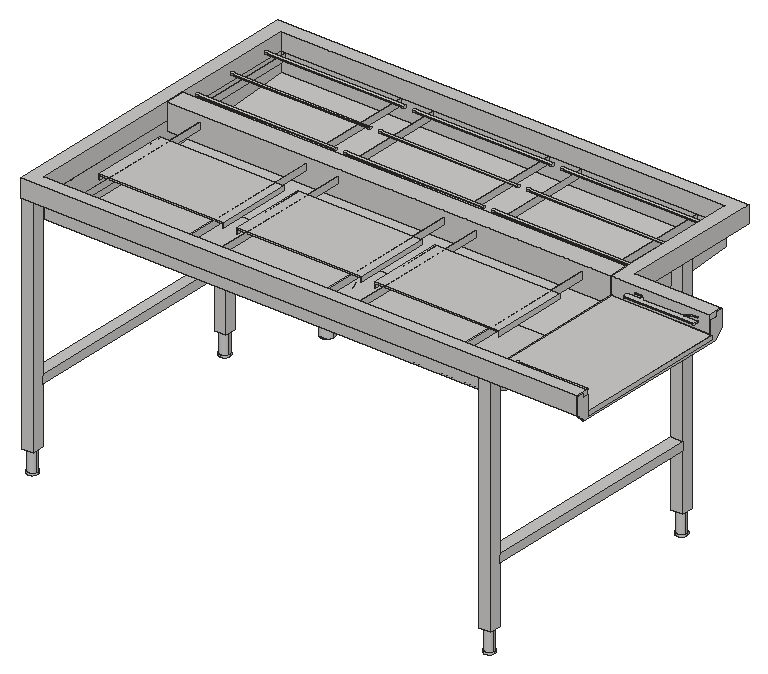
Revit family "QF_ELECTROLUXPROFESSIONAL_865465_HSDDS3RL", category Specialty Equipment, Revit 2018
Family settings
  Round Connector Dimension = Use Diameter
  Part Type = Normal
  Work Plane-Based = No
  Always vertical = Yes
  Cut with Voids When Loaded = No
  Shared = No
  Room Calculation Point = No
Parameters
  Weight = 0.00 kg
  Watts = 0 W
  Volts = 0 V
  URL Manufacturer = ""
  Steam Supply Size = 0 mm
  Steam Supply Minimum Pressure = 0.0 Pa
  Steam Supply Maximum Pressure = 0.0 Pa
  Steam Pounds per Hour = 0
  Refrigeration Suction Line Size = 0 mm
  Refrigeration Liquid Line Size = 0 mm
  Refrigerant Compressor Remote = yes
  Phase = 0
  Length Actual = 0 mm
  Item Number = ""
  Hot Water Size = 0 mm
  Height Actual = 0 mm
  HP = ""
  Gas Size = 0 mm
  Gas KW = 0
  Gas Input Pressure = 0 W
  Depth Actual = 0 mm
  Cycle = 0 Hz
  Condensate Return Size = 0 mm
  Compressed Air Volume = 0.0 L/s
  Compressed Air Size = 0 mm
  Compressed Air Pressure = 0.0 Pa
  Cold Water Size = 0 mm
  Accessory = yes
Reference planes
  plane 1: z = 0
  plane 2 "R": x = 300
  plane 3: z = 910
  plane 4: z = 0
  plane 5: z = 300
  plane 6 "BACK": y = 310
  plane 7 "FRONT": y = -800
  plane 8 "LEFT": x = -1320
  plane 9: x = -510
  plane 10: y = -310
  plane 11 "RIGHT": x = 600
Forms (mm)
  Extrusion 1, solid, material "QF_Finishes_Stainless Steel"
    sketch origin (0, -490, 0) x (-1, 0, 0) y (0, -1, 0)
      loop
        line (1320, -800) -> (1320, 310) -> (-597.022, 310) -> (-597.022, 265) -> (1275, 265) -> (1275, -755) -> (-255, -755) -> (-255, -265) -> (-597.022, -265) -> (-597.022, -310) -> (-300, -310) -> (-300, -800) -> (1320, -800)
    from 850.091 to 910
  Extrusion 2, solid, material "QF_Finishes_Stainless Steel"
    sketch origin (0, -490, 0) x (0, -1, 0) y (0, 0, 1)
      loop
        line (-756.248, 850.091) -> (-756.248, 781.928) -> (-131.216, 738.138) -> (130.849, 738.138) -> (266.249, 782.13) -> (266.249, 850.091) -> (265, 850.091) -> (265, 784.879) -> (130.374, 741.138) -> (-131.111, 741.138) -> (-755, 784.848) -> (-755, 850.091) -> (-756.248, 850.091)
    from -255 to 1275
  Revolve 3, solid, material "QF_Finishes_Stainless Steel"
    sketch origin (-510, -490.526, -123.199) x (-1, 0, 0) y (0, 0, 1)
      loop
        line (76.494, 861.337) -> (0, 861.337) -> (0, 697.377) -> (21.946, 697.377) -> (23.47, 698.838) -> (23.47, 734.749) -> (37.25, 740.749) -> (37.25, 742.336) -> (38.457, 743.987) -> (38.457, 746.476)
        arc (38.457, 746.476) -> (65.844, 763.962) -> (76.494, 794.661) r 49.516
        line (76.494, 794.661) -> (76.494, 834.985)
        arc (76.494, 834.985) -> (75.887, 836.598) -> (74.377, 837.43) r 2.49
        arc (74.377, 837.43) -> (71.083, 841.301) -> (74.39, 845.16) r 3.913
        arc (74.39, 845.16) -> (75.89, 845.987) -> (76.494, 847.59) r 2.474
        line (76.494, 847.59) -> (76.494, 861.337)
      axis (0, 861.337) -> (0, 697.377)
    angle from 0 to 360
  Extrusion 4, solid, material "QF_Finishes_Stainless Steel"
    sketch origin (0, -490, 0) x (-1, 0, 0) y (0, -1, 0)
      loop
        line (-255, -330.124) -> (1275, -330.124) -> (1275, -265) -> (-255, -265) -> (-255, -330.124)
    from 820 to 910
  Extrusion 5, solid, material "QF_Finishes_Stainless Steel"
    sketch origin (6.015, -490, -602.691) x (-1, 0, 0) y (0, -1, 0)
      loop
        line (1283.015, 266.249) -> (1283.015, -521.738) -> (1323.015, -521.738) -> (1323.015, 266.249) -> (1283.015, 266.249)
    from 872.691 to 902.691
  Extrusion 6, solid, material "QF_Finishes_Stainless Steel"
    sketch origin (-1277, -490, 0) x (0, -1, 0) y (0, 0, 1)
      loop
        line (-756.248, 781.928) -> (-131.216, 738.138) -> (130.849, 738.138) -> (266.249, 782.13) -> (266.249, 850.091) -> (-756.248, 850.091) -> (-756.248, 781.928)
    from 0 to -2
  Extrusion 7, solid, material "QF_Finishes_Stainless Steel"
    sketch origin (257, -490, 0) x (0, -1, 0) y (0, 0, -1)
      loop
        line (-756.248, -850.091) -> (266.249, -850.091) -> (266.249, -782.13) -> (130.849, -738.138) -> (-131.216, -738.138) -> (-756.248, -781.928) -> (-756.248, -850.091)
    from 0 to -2
  Extrusion 8, solid, material "QF_Finishes_Stainless Steel"
    sketch origin (-1026, -490.054, -598.981) x (1, 0, 0) y (0, 1, 0)
      loop
        line (1283, -266.195) -> (1323, -266.195) -> (1323, 521.792) -> (1283, 521.792) -> (1283, -266.195)
    from 869.081 to 898.981
  Extrusion 9, solid, material "QF_Finishes_Stainless Steel"
    sketch origin (0, -482.737, 2.863) x (-1, 0, 0) y (0, -1, 0)
      loop
        line (-200.029, -694.438) -> (-196.981, -694.438) -> (-196.981, -322.861) -> (-200.029, -322.861) -> (-200.029, -694.438)
      loop
        line (196.981, -694.438) -> (200.029, -694.438) -> (200.029, -322.861) -> (196.981, -322.861) -> (196.981, -694.438)
      loop
        line (1220.049, -694.438) -> (1220.049, -322.861) -> (1217.001, -322.861) -> (1217.001, -694.438) -> (1220.049, -694.438)
      loop
        line (823.039, -694.438) -> (823.039, -322.861) -> (819.991, -322.861) -> (819.991, -694.438) -> (823.039, -694.438)
      loop
        line (710.007, -694.438) -> (710.007, -322.861) -> (707.023, -322.861) -> (707.023, -694.438) -> (710.007, -694.438)
      loop
        line (312.997, -694.438) -> (312.997, -322.861) -> (310.013, -322.861) -> (310.013, -694.438) -> (312.997, -694.438)
    from 860 to 881.896
  Extrusion 10, solid, material "QF_Finishes_Stainless Steel"
    sketch origin (-2327.512, -755, 0) x (0, -1, 0) y (0, 0, -1)
      loop
        circle (-937.158, -888.745) r 3.985
      loop
        circle (-788.819, -888.745) r 3.985
      loop
        circle (-640.48, -888.745) r 3.985
    from 1067.5 to 1547.5
  Extrusion 11, solid, material "QF_Finishes_Stainless Steel"
    sketch origin (-1817.533, -755, 0) x (0, -1, 0) y (0, 0, -1)
      loop
        circle (-937.158, -888.745) r 3.985
      loop
        circle (-788.819, -888.745) r 3.985
      loop
        circle (-640.48, -888.745) r 3.985
    from 1067.5 to 1547.5
  Extrusion 12, solid, material "QF_Finishes_Stainless Steel"
    sketch origin (-1307.491, -755, 0) x (0, -1, 0) y (0, 0, -1)
      loop
        circle (-937.158, -888.745) r 3.985
      loop
        circle (-788.819, -888.745) r 3.985
      loop
        circle (-640.48, -888.745) r 3.985
    from 1067.5 to 1547.5
  Extrusion 13, solid, material "QF_Finishes_Stainless Steel"
    sketch origin (1047.022, -542.5, 35) x (0, -1, 0) y (0, 0, -1)
      loop
        line (-362.5, -815.091) -> (-362.5, -875) -> (-340, -875) -> (-340, -860) -> (-317.5, -860) -> (-317.5, -808.439) -> (212.5, -808.439) -> (212.5, -860) -> (235, -860) -> (235, -875) -> (257.5, -875) -> (257.5, -815.091) -> (229.909, -787.5) -> (-334.909, -787.5) -> (-362.5, -815.091)
    from -450 to -447.022
  Extrusion 14, solid, material "QF_Finishes_Stainless Steel"
    sketch origin (-275, 1800.751, 0) x (0, -1, 0) y (0, 0, -1)
      loop
        line (2597.773, -875) -> (2597.773, -872) -> (2557, -872) -> (2557, -875) -> (2597.773, -875)
    from 0 to 530
  Extrusion 15, solid, material "QF_Finishes_Stainless Steel"
    sketch origin (-62.5, -1203.272, 0) x (-1, 0, 0) y (0, 0, -1)
      loop
        line (-317.5, -850.091) -> (-317.5, -875) -> (212.5, -875) -> (212.5, -850.091) -> (-317.5, -850.091)
    from -448.272 to -447.022
  Extrusion 16, solid, material "QF_Finishes_Stainless Steel"
    sketch origin (0, -490, 0) x (1, 0, 0) y (0, 0, -1)
      loop
        line (597.022, -843.439) -> (257, -847.567) -> (257, -850.068) -> (602.5, -846.169) -> (602.5, -833.439) -> (600, -833.439) -> (600, -843.439) -> (597.022, -843.439)
    from -266.249 to 265
  Extrusion 17, solid, material "QF_Finishes_Stainless Steel"
    sketch origin (0, -490, 0) x (1, 0, 0) y (0, 0, -1)
      loop
        line (-1159.991, -862.863) -> (-1163.039, -862.863) -> (-1163.039, -884.759) -> (-1159.991, -884.759) -> (-1159.991, -862.863)
      loop
        line (-794.991, -862.863) -> (-798.039, -862.863) -> (-798.039, -884.759) -> (-794.991, -884.759) -> (-794.991, -862.863)
      loop
        line (-684.991, -862.863) -> (-688.039, -862.863) -> (-688.039, -884.759) -> (-684.991, -884.759) -> (-684.991, -862.863)
      loop
        line (-319.991, -862.863) -> (-323.039, -862.863) -> (-323.039, -884.759) -> (-319.991, -884.759) -> (-319.991, -862.863)
      loop
        line (-209.991, -862.863) -> (-213.039, -862.863) -> (-213.039, -884.759) -> (-209.991, -884.759) -> (-209.991, -862.863)
      loop
        line (155.009, -862.863) -> (151.961, -862.863) -> (151.961, -884.759) -> (155.009, -884.759) -> (155.009, -862.863)
    from -265 to 265
  Extrusion 18, solid, material "QF_Finishes_Stainless Steel"
    sketch origin (2.5, -490, 0) x (1, 0, 0) y (0, 0, -1)
      loop
        line (-769.039, -884.759) -> (-1193.039, -884.759) -> (-1193.039, -871.646) -> (-1196.039, -871.646) -> (-1196.039, -887.746) -> (-766.039, -887.746) -> (-766.039, -871.646) -> (-769.039, -871.646) -> (-769.039, -884.759)
    from -130.374 to 131.111
  Extrusion 19, solid, material "QF_Finishes_Stainless Steel"
    sketch origin (477.5, -490, 0) x (1, 0, 0) y (0, 0, -1)
      loop
        line (-769.039, -884.759) -> (-1193.039, -884.759) -> (-1193.039, -871.646) -> (-1196.039, -871.646) -> (-1196.039, -887.746) -> (-766.039, -887.746) -> (-766.039, -871.646) -> (-769.039, -871.646) -> (-769.039, -884.759)
    from -130.374 to 131.111
  Extrusion 20, solid, material "QF_Finishes_Stainless Steel"
    sketch origin (952.5, -490, 0) x (1, 0, 0) y (0, 0, -1)
      loop
        line (-769.039, -884.759) -> (-1193.039, -884.759) -> (-1193.039, -871.646) -> (-1196.039, -871.646) -> (-1196.039, -887.746) -> (-766.039, -887.746) -> (-766.039, -871.646) -> (-769.039, -871.646) -> (-769.039, -884.759)
    from -130.374 to 131.111
  Extrusion 21, solid, material "QF_Finishes_Stainless Steel"
    sketch origin (0, -490, 0) x (1, 0, 0) y (0, 1, 0)
      loop
        line (330.912, -247.069) -> (375.912, -247.069) -> (360.435, -262.546) -> (340.435, -262.546) -> (340.435, -265) -> (361.517, -265) -> (379.448, -247.069) -> (516.464, -247.069) -> (534.395, -265) -> (555.477, -265) -> (555.477, -262.546) -> (535.477, -262.546) -> (520, -247.069) -> (565, -247.069)
        arc (565, -247.069) -> (568.536, -245.605) -> (570, -242.069) r 5
        line (570, -242.069) -> (570, -232.503)
        arc (570, -232.503) -> (568.536, -228.968) -> (565, -227.503) r 5
        line (565, -227.503) -> (330.912, -227.503)
        arc (330.912, -227.503) -> (327.376, -228.968) -> (325.912, -232.503) r 5
        line (325.912, -232.503) -> (325.912, -242.069)
        arc (325.912, -242.069) -> (327.376, -245.605) -> (330.912, -247.069) r 5
    from 884.759 to 887.746
  Extrusion 22, solid, material "QF_Finishes_Stainless Steel"
    sketch origin (0, -490, 0) x (1, 0, 0) y (0, 1, 0)
      loop
        arc (330.912, 247.069) -> (327.376, 245.605) -> (325.912, 242.069) r 5
        line (325.912, 242.069) -> (325.912, 232.503)
        arc (325.912, 232.503) -> (327.376, 228.968) -> (330.912, 227.503) r 5
        line (330.912, 227.503) -> (565, 227.503)
        arc (565, 227.503) -> (568.536, 228.968) -> (570, 232.503) r 5
        line (570, 232.503) -> (570, 242.069)
        arc (570, 242.069) -> (568.536, 245.605) -> (565, 247.069) r 5
        line (565, 247.069) -> (520, 247.069) -> (535.477, 262.546) -> (555.477, 262.546) -> (555.477, 265) -> (534.395, 265) -> (516.464, 247.069) -> (379.448, 247.069) -> (361.517, 265) -> (340.435, 265) -> (340.435, 262.546) -> (360.435, 262.546) -> (375.912, 247.069) -> (330.912, 247.069)
    from 884.759 to 887.746
Lines and regions (mm)
  Split face 1
    outline origin (386.315, -489.921, 741.138) x (1, 0, 0) y (0, 1, 0)
      loop
        circle (-896.315, -0.035) r 73.783
  Split face 2
    outline origin (386.315, -489.921, 741.138) x (1, 0, 0) y (0, 1, 0)
      loop
        circle (-896.315, -0.035) r 66.01
  Split face 3
    outline origin (386.315, -489.921, 741.138) x (1, 0, 0) y (0, 1, 0)
      loop
        circle (-896.315, -0.035) r 53.774
  Split face 4
    outline origin (386.315, -489.921, 741.138) x (1, 0, 0) y (0, 1, 0)
      loop
        circle (-896.315, -0.035) r 50.771
  Split face 5
    outline origin (386.315, -489.921, 741.138) x (1, 0, 0) y (0, 1, 0)
      loop
        circle (-896.315, -0.035) r 33.793
  Split face 6
    outline origin (386.315, -489.921, 741.138) x (1, 0, 0) y (0, 1, 0)
      loop
        circle (-896.315, -0.035) r 30.826
  Split face 7
    outline origin (386.315, -489.921, 741.138) x (1, 0, 0) y (0, 1, 0)
      loop
        circle (-896.315, -0.035) r 13.843
  Split face 8
    outline origin (386.315, -489.921, 741.138) x (1, 0, 0) y (0, 1, 0)
      loop
        circle (-896.315, -0.035) r 10.833
  symbolic lines
    curve 1: line (-1320, -800, 0) -> (600, -800, 0)
    curve 2: line (-1320, 310, 0) -> (-1320, -800, 0)
    curve 3: line (300, 310, 0) -> (-1320, 310, 0)
    curve 4: line (300, -180, 0) -> (300, 310, 0)
    curve 5: line (-1275, -755, 0) -> (600, -755, 0)
    curve 6: line (-1275, 265, 0) -> (-1275, -755, 0)
    curve 7: line (255, 265, 0) -> (-1275, 265, 0)
    curve 8: line (-1275, -225, 0) -> (600, -225, 0)
    curve 9: line (255, -159.876, 0) -> (-1275, -159.876, 0)
    curve 10: line (-1260.012, -118.505, 0) -> (-1260.012, -110.535, 0)
    curve 11: line (-1260.012, -110.535, 0) -> (-780.012, -110.535, 0)
    curve 12: line (-780.012, -110.535, 0) -> (-780.012, -118.505, 0)
    curve 13: line (-780.012, -118.505, 0) -> (-1260.012, -118.505, 0)
    curve 14: line (-1260.012, 29.834, 0) -> (-1260.012, 37.804, 0)
    curve 15: line (-1260.012, 37.804, 0) -> (-780.012, 37.804, 0)
    curve 16: line (-780.012, 37.804, 0) -> (-780.012, 29.834, 0)
    curve 17: line (-780.012, 29.834, 0) -> (-1260.012, 29.834, 0)
    curve 18: line (-1260.012, 178.173, 0) -> (-1260.012, 186.143, 0)
    curve 19: line (-1260.012, 186.143, 0) -> (-780.012, 186.143, 0)
    curve 20: line (-780.012, 186.143, 0) -> (-780.012, 178.173, 0)
    curve 21: line (-780.012, 178.173, 0) -> (-1260.012, 178.173, 0)
    curve 22: line (-1220.049, -159.876, 0) -> (-1220.049, -118.505, 0)
    curve 23: line (-1217.001, -159.876, 0) -> (-1217.001, -118.505, 0)
    curve 24: line (-1220.049, -110.535, 0) -> (-1220.049, 29.834, 0)
    curve 25: line (-1220.049, 211.7, 0) -> (-1220.049, 186.143, 0)
    curve 26: line (-1220.049, 211.7, 0) -> (-1217.001, 211.7, 0)
    curve 27: line (-1217.001, 211.7, 0) -> (-1217.001, 186.143, 0)
    curve 28: line (-1220.049, 178.173, 0) -> (-1220.049, 37.804, 0)
    curve 29: line (-1217.001, 37.804, 0) -> (-1217.001, 178.173, 0)
    curve 30: line (-1217.001, 29.834, 0) -> (-1217.001, -110.535, 0)
    curve 31: line (-823.039, -159.876, 0) -> (-823.039, -118.505, 0)
    curve 32: line (-819.992, -159.876, 0) -> (-819.992, -118.505, 0)
    curve 33: line (-823.039, -110.535, 0) -> (-823.039, 29.834, 0)
    curve 34: line (-823.039, 211.7, 0) -> (-823.039, 186.143, 0)
    curve 35: line (-823.039, 211.7, 0) -> (-819.992, 211.7, 0)
    curve 36: line (-819.992, 211.7, 0) -> (-819.992, 186.143, 0)
    curve 37: line (-823.039, 178.173, 0) -> (-823.039, 37.804, 0)
    curve 38: line (-819.992, 37.804, 0) -> (-819.992, 178.173, 0)
    curve 39: line (-819.992, 29.834, 0) -> (-819.992, -110.535, 0)
    curve 40: line (-750.033, -118.505, 0) -> (-750.033, -110.535, 0)
    curve 41: line (-750.033, -110.535, 0) -> (-270.033, -110.535, 0)
    curve 42: line (-270.033, -110.535, 0) -> (-270.033, -118.505, 0)
    curve 43: line (-270.033, -118.505, 0) -> (-750.033, -118.505, 0)
    curve 44: line (-750.033, 29.834, 0) -> (-750.033, 37.804, 0)
    curve 45: line (-750.033, 37.804, 0) -> (-270.033, 37.804, 0)
    curve 46: line (-270.033, 37.804, 0) -> (-270.033, 29.834, 0)
    curve 47: line (-270.033, 29.834, 0) -> (-750.033, 29.834, 0)
    curve 48: line (-750.033, 178.173, 0) -> (-750.033, 186.143, 0)
    curve 49: line (-750.033, 186.143, 0) -> (-270.033, 186.143, 0)
    curve 50: line (-270.033, 186.143, 0) -> (-270.033, 178.173, 0)
    curve 51: line (-270.033, 178.173, 0) -> (-750.033, 178.173, 0)
    curve 52: line (-710.071, -159.876, 0) -> (-710.071, -118.505, 0)
    curve 53: line (-707.023, -159.876, 0) -> (-707.023, -118.505, 0)
    curve 54: line (-710.071, -110.535, 0) -> (-710.071, 29.834, 0)
    curve 55: line (-710.071, 211.7, 0) -> (-710.071, 186.143, 0)
    curve 56: line (-710.071, 211.7, 0) -> (-707.023, 211.7, 0)
    curve 57: line (-707.023, 211.7, 0) -> (-707.023, 186.143, 0)
    curve 58: line (-710.071, 178.173, 0) -> (-710.071, 37.804, 0)
    curve 59: line (-707.023, 37.804, 0) -> (-707.023, 178.173, 0)
    curve 60: line (-707.023, 29.834, 0) -> (-707.023, -110.535, 0)
    curve 61: line (-313.061, -159.876, 0) -> (-313.061, -118.505, 0)
    curve 62: line (-310.013, -159.876, 0) -> (-310.013, -118.505, 0)
    curve 63: line (-313.061, -110.535, 0) -> (-313.061, 29.834, 0)
    curve 64: line (-313.061, 211.7, 0) -> (-313.061, 186.143, 0)
    curve 65: line (-313.061, 211.7, 0) -> (-310.013, 211.7, 0)
    curve 66: line (-310.013, 211.7, 0) -> (-310.013, 186.143, 0)
    curve 67: line (-313.061, 178.173, 0) -> (-313.061, 37.804, 0)
    curve 68: line (-310.013, 37.804, 0) -> (-310.013, 178.173, 0)
    curve 69: line (-310.013, 29.834, 0) -> (-310.013, -110.535, 0)
    curve 70: line (-239.991, -118.505, 0) -> (-239.991, -110.535, 0)
    curve 71: line (-239.991, -110.535, 0) -> (240.009, -110.535, 0)
    curve 72: line (240.009, -110.535, 0) -> (240.009, -118.505, 0)
    curve 73: line (240.009, -118.505, 0) -> (-239.991, -118.505, 0)
    curve 74: line (-239.991, 29.834, 0) -> (-239.991, 37.804, 0)
    curve 75: line (-239.991, 37.804, 0) -> (240.009, 37.804, 0)
    curve 76: line (240.009, 37.804, 0) -> (240.009, 29.834, 0)
    curve 77: line (240.009, 29.834, 0) -> (-239.991, 29.834, 0)
    curve 78: line (-239.991, 178.173, 0) -> (-239.991, 186.143, 0)
    curve 79: line (-239.991, 186.143, 0) -> (240.009, 186.143, 0)
    curve 80: line (240.009, 186.143, 0) -> (240.009, 178.173, 0)
    curve 81: line (240.009, 178.173, 0) -> (-239.991, 178.173, 0)
    curve 82: line (-200.029, -159.876, 0) -> (-200.029, -118.505, 0)
    curve 83: line (-196.981, -159.876, 0) -> (-196.981, -118.505, 0)
    curve 84: line (-200.029, -110.535, 0) -> (-200.029, 29.834, 0)
    curve 85: line (-200.029, 211.7, 0) -> (-200.029, 186.143, 0)
    curve 86: line (-200.029, 211.7, 0) -> (-196.981, 211.7, 0)
    curve 87: line (-196.981, 211.7, 0) -> (-196.981, 186.143, 0)
    curve 88: line (-200.029, 178.173, 0) -> (-200.029, 37.804, 0)
    curve 89: line (-196.981, 37.804, 0) -> (-196.981, 178.173, 0)
    curve 90: line (-196.981, 29.834, 0) -> (-196.981, -110.535, 0)
    curve 91: line (196.981, -159.876, 0) -> (196.981, -118.505, 0)
    curve 92: line (200.029, -159.876, 0) -> (200.029, -118.505, 0)
    curve 93: line (196.981, -110.535, 0) -> (196.981, 29.834, 0)
    curve 94: line (196.981, 211.7, 0) -> (196.981, 186.143, 0)
    curve 95: line (196.981, 211.7, 0) -> (200.029, 211.7, 0)
    curve 96: line (200.029, 211.7, 0) -> (200.029, 186.143, 0)
    curve 97: line (196.981, 178.173, 0) -> (196.981, 37.804, 0)
    curve 98: line (200.029, 37.804, 0) -> (200.029, 178.173, 0)
    curve 99: line (200.029, 29.834, 0) -> (200.029, -110.535, 0)
    curve 100: line (255, 265, 0) -> (255, -159.876, 0)
    curve 101: arc (-586.496, -490.526, 0) -> (-510, -567.021, 0) -> (-433.504, -490.526, 0) r 76.496
    curve 102: arc (-433.504, -490.526, 0) -> (-510, -414.03, 0) -> (-586.496, -490.526, 0) r 76.496
    curve 103: arc (-488.054, -490.526, 0) -> (-510, -512.472, 0) -> (-531.946, -490.526, 0) r 21.946
    curve 104: arc (-531.946, -490.526, 0) -> (-510, -468.579, 0) -> (-488.054, -490.526, 0) r 21.946
    curve 105: line (300, -180, 0) -> (600, -180, 0)
    curve 106: line (600, -180, 0) -> (600, -800, 0)
    curve 107: line (600, -490, 0) -> (570, -490, 0)
    curve 108: line (-1193.539, -620.374, 0) -> (-763.539, -620.374, 0)
    curve 109: line (-1193.539, -358.889, 0) -> (-1193.539, -620.374, 0)
    curve 110: line (-763.539, -358.889, 0) -> (-1193.539, -358.889, 0)
    curve 111: line (-763.539, -620.374, 0) -> (-763.539, -358.889, 0)
    curve 112: line (-718.539, -620.374, 0) -> (-288.539, -620.374, 0)
    curve 113: line (-718.539, -358.889, 0) -> (-718.539, -620.374, 0)
    curve 114: line (-288.539, -358.889, 0) -> (-718.539, -358.889, 0)
    curve 115: line (-288.539, -620.374, 0) -> (-288.539, -358.889, 0)
    curve 116: line (-243.539, -358.889, 0) -> (186.461, -358.889, 0)
    curve 117: line (-243.539, -620.374, 0) -> (-243.539, -358.889, 0)
    curve 118: line (186.461, -620.374, 0) -> (-243.539, -620.374, 0)
    curve 119: line (186.461, -358.889, 0) -> (186.461, -620.374, 0)
    curve 120: line (-1163.039, -755, 0) -> (-1163.039, -620.374, 0)
    curve 121: line (-1159.991, -620.374, 0) -> (-1159.991, -755, 0)
    curve 122: line (-1163.039, -225, 0) -> (-1163.039, -358.889, 0)
    curve 123: line (-1159.991, -358.889, 0) -> (-1159.991, -225, 0)
    curve 124: line (-798.039, -755, 0) -> (-798.039, -620.374, 0)
    curve 125: line (-794.991, -620.374, 0) -> (-794.991, -755, 0)
    curve 126: line (-798.039, -225, 0) -> (-798.039, -358.889, 0)
    curve 127: line (-794.991, -358.889, 0) -> (-794.991, -225, 0)
    curve 128: line (-688.039, -755, 0) -> (-688.039, -620.374, 0)
    curve 129: line (-684.991, -620.374, 0) -> (-684.991, -755, 0)
    curve 130: line (-688.039, -225, 0) -> (-688.039, -358.889, 0)
    curve 131: line (-684.991, -358.889, 0) -> (-684.991, -225, 0)
    curve 132: line (-323.039, -755, 0) -> (-323.039, -620.374, 0)
    curve 133: line (-319.991, -620.374, 0) -> (-319.991, -755, 0)
    curve 134: line (-323.039, -225, 0) -> (-323.039, -358.889, 0)
    curve 135: line (-319.991, -358.889, 0) -> (-319.991, -225, 0)
    curve 136: line (-213.039, -755, 0) -> (-213.039, -620.374, 0)
    curve 137: line (-209.991, -620.374, 0) -> (-209.991, -755, 0)
    curve 138: line (-213.039, -225, 0) -> (-213.039, -358.889, 0)
    curve 139: line (-209.991, -358.889, 0) -> (-209.991, -225, 0)
    curve 140: line (151.961, -755, 0) -> (151.961, -620.374, 0)
    curve 141: line (155.009, -620.374, 0) -> (155.009, -755, 0)
    curve 142: line (151.961, -225, 0) -> (151.961, -358.889, 0)
    curve 143: line (155.009, -358.889, 0) -> (155.009, -225, 0)
    curve 144: line (330.912, -717.503, 0) -> (565, -717.503, 0)
    curve 145: arc (565, -717.503, 0) -> (568.536, -718.968, 0) -> (570, -722.503, 0) r 5
    curve 146: line (570, -722.503, 0) -> (570, -732.069, 0)
    curve 147: arc (570, -732.069, 0) -> (568.536, -735.605, 0) -> (565, -737.069, 0) r 5
    curve 148: line (565, -737.069, 0) -> (520, -737.069, 0)
    curve 149: line (520, -737.069, 0) -> (535.477, -752.546, 0)
    curve 150: line (535.477, -752.546, 0) -> (555.477, -752.546, 0)
    curve 151: line (555.477, -752.546, 0) -> (555.477, -755, 0)
    curve 152: line (534.395, -755, 0) -> (516.464, -737.069, 0)
    curve 153: line (516.464, -737.069, 0) -> (379.448, -737.069, 0)
    curve 154: line (379.448, -737.069, 0) -> (361.517, -755, 0)
    curve 155: line (340.435, -755, 0) -> (340.435, -752.546, 0)
    curve 156: line (340.435, -752.546, 0) -> (360.435, -752.546, 0)
    curve 157: line (360.435, -752.546, 0) -> (375.912, -737.069, 0)
    curve 158: line (375.912, -737.069, 0) -> (330.912, -737.069, 0)
    curve 159: arc (330.912, -737.069, 0) -> (327.376, -735.605, 0) -> (325.912, -732.069, 0) r 5
    curve 160: line (325.912, -732.069, 0) -> (325.912, -722.503, 0)
    curve 161: arc (325.912, -722.503, 0) -> (327.376, -718.968, 0) -> (330.912, -717.503, 0) r 5
    curve 162: line (330.912, -262.497, 0) -> (565, -262.497, 0)
    curve 163: arc (565, -262.497, 0) -> (568.536, -261.032, 0) -> (570, -257.497, 0) r 5
    curve 164: line (570, -257.497, 0) -> (570, -247.931, 0)
    curve 165: arc (570, -247.931, 0) -> (568.536, -244.395, 0) -> (565, -242.931, 0) r 5
    curve 166: line (565, -242.931, 0) -> (520, -242.931, 0)
    curve 167: line (520, -242.931, 0) -> (535.477, -227.454, 0)
    curve 168: line (535.477, -227.454, 0) -> (555.477, -227.454, 0)
    curve 169: line (555.477, -227.454, 0) -> (555.477, -225, 0)
    curve 170: line (534.395, -225, 0) -> (516.464, -242.931, 0)
    curve 171: line (516.464, -242.931, 0) -> (379.448, -242.931, 0)
    curve 172: line (379.448, -242.931, 0) -> (361.517, -225, 0)
    curve 173: line (340.435, -225, 0) -> (340.435, -227.454, 0)
    curve 174: line (340.435, -227.454, 0) -> (360.435, -227.454, 0)
    curve 175: line (360.435, -227.454, 0) -> (375.912, -242.931, 0)
    curve 176: line (375.912, -242.931, 0) -> (330.912, -242.931, 0)
    curve 177: arc (330.912, -242.931, 0) -> (327.376, -244.395, 0) -> (325.912, -247.931, 0) r 5
    curve 178: line (325.912, -247.931, 0) -> (325.912, -257.497, 0)
    curve 179: arc (325.912, -257.497, 0) -> (327.376, -261.032, 0) -> (330.912, -262.497, 0) r 5
    curve 180: line (297, -225, 0) -> (297, -755, 0)
Dimensions and locks
  plane 3 to level = 910 mm
  plane 8 "LEFT" to plane 2 "R" = 1620 mm
  plane 6 "BACK" to plane 7 "FRONT" = 1110 mm
  plane 9 to plane 2 "R" = 810 mm
  plane 6 "BACK" to plane 10 = 620 mm
  plane 8 "LEFT" to plane 11 "RIGHT" = 1920 mm
  aligned and locked: level to plane 1
  aligned and locked: Extrusion 13 to Extrusion 1
Nested families
  nested 1: "Foot_40x40" at (-1297, 51.738, 0), type "Foot_40x40"
    with A 850.091 mm
  nested 2: "Foot_40x40" at (-1297, -776.249, 0), type "Foot_40x40"
    with A 850.091 mm
  nested 3: "Foot_40x40" at (277, 51.738, 0) x (-1, 0, 0) z (0, 0, 1), type "Foot_40x40"
    with A 850.091 mm
  nested 4: "Foot_40x40" at (277, -776.249, 0) x (-1, 0, 0) z (0, 0, 1), type "Foot_40x40"
    with A 850.091 mm
Connectors
  piping at (-510, -490.526, 574.178), diameter 30
    settings: on Revolve 3, index 1, connector inside diameter 609.6 mm, connector length 0 mm, flow factor 0, pipe flow 0.0 L/s, pressure drop 0.0 Pa, fitting loss kfactor 0, connector angle 0.00°, fixture units 0, engagement length 0 mm, angle of deflection 0.00°, flow configuration 1, flow direction 2, fitting loss method 0, system type 16, joint type 0, gender type 0, connector reference index -1, connector utility 0, adjustable connector no, is connector primary yes, connector description "DRAIN"
Definition of nested family "Foot_40x40"
  Parameters
    A [instance] = 850 mm
  Reference planes
    plane 1 "Centro (Fronte/Retro)": y = 0
    plane 2: z = 0
    plane 3 "Centro (Sinistra/Destra)": x = 0
    plane 4: z = 850
  Forms (mm)
    Extrusion 1, solid
      sketch origin (0, 0, 0) x (1, 0, 0) y (0, 1, 0)
        loop
          circle (0, 0) r 18
      from 0 to 5
    Extrusion 2, solid
      sketch origin (0, 0, 5) x (1, 0, 0) y (0, 1, 0)
        loop
          circle (0, 0) r 15
      from 0 to 70
    Extrusion 3, solid
      sketch origin (0, 0, 75) x (1, 0, 0) y (0, 1, 0)
        loop
          line (-20, 20) -> (-20, -20) -> (20, -20) -> (20, 20) -> (-20, 20)
      from 0 to 775
  Dimensions and locks
    "A": plane 4 to plane 2
    aligned and locked: level to plane 2
    aligned and locked: plane 4 to Extrusion 3
    aligned and locked: Extrusion 1 to level
  Automatic sketch dimensions
    plane 1 "Centro (Fronte/Retro)" to Extrusion 1 sketch curve = 0 mm
    Extrusion 1 sketch curve to plane 3 "Centro (Sinistra/Destra)" = 0 mm
    Extrusion 3 sketch curve to Extrusion 3 sketch curve = 40 mm  (x2)
    radius of Extrusion 1 sketch curve = 18 mm
    radius of Extrusion 2 sketch curve to Extrusion 1 = 3 mm
